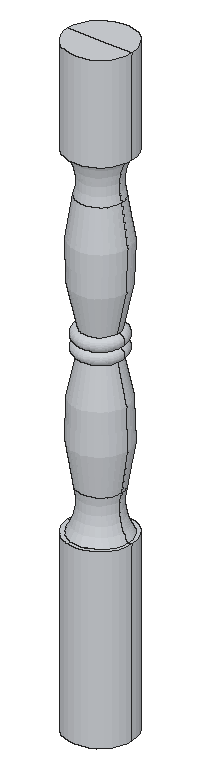
Revit family
Parameters (values of type "Balustrade J38")
  Width = 0' - 4"
  URL = "www.strombergarchitectural.com"
  Top Material = none
  Submittal Sheet = "www.strombergarchitectural.com/images/materials/gfrc/submittal/gfrc-submittal-sheet.pdf"
  Specifications = "www.strombergarchitectural.com/gfrcspecifications"
  Model Cut-sheet = "http://www.strombergarchitectural.com/products/balustrade/design/J38"
  Model = "Balustrade J38"
  Manufacturer = "Stromberg Architectural Products"
  Guidebook = "www.strombergarchitectural.com/images/materials/gfrc/handbooks/gfrc_guidebook.pdf   \r\n(http://www.strombergarchitectural.com/images/materials/gfrc/handbooks/gfrc_guidebook.pdf"
  Description = "GFRC Baluster"
  Assembly Code = ""
  Height = 3' - 2 1/2"
  XXX.5 = no
  XXX.4 = no
  XXX.3 = no
  XXX.2 = no
  XXX.1 = yes
Reference planes (in)
  plane 1 "Center (Front/Back)": y = 3.74847
  plane 2: z = 0
  plane 3 "Center (Left/Right)": x = 0.7278
  plane 4 "Front": y = -3.25153
  plane 5 "Back": y = 10.74847
Forms (in)
  Revolve 1, solid
    sketch origin (0, 3.74847, 0) x (1, 0, 0) y (0, 0, 1)
      loop
        line (0.7278, 38.5) -> (-1.2722, 38.5) -> (-1.2722, 32.5) -> (-1.0222, 32.5)
        arc (-1.0222, 32.5) -> (-0.51705, 31.23319) -> (-0.59019, 29.87134) r 3.17379
        arc (-0.59019, 29.87134) -> (-1.02222, 26.17183) -> (-0.3972, 22.5) r 13.1197
        arc (-0.3972, 22.5) -> (-0.7722, 22.125) -> (-0.3972, 21.75) r 0.375
        arc (-0.3972, 21.75) -> (-0.7722, 21.375) -> (-0.3972, 21) r 0.375
        arc (-0.3972, 21) -> (-1.02222, 17.32817) -> (-0.59019, 13.62866) r 13.1197
        arc (-0.59019, 13.62866) -> (-0.51705, 12.26681) -> (-1.0222, 11) r 3.17379
        line (-1.0222, 11) -> (-1.2722, 11) -> (-1.2722, 0) -> (0.7278, 0) -> (0.7278, 38.5)
      axis (0.7278, 38.5) -> (0.7278, 0)
    angle from 0 to 360
Dimensions and locks (in)
  aligned and locked: level to plane 2
